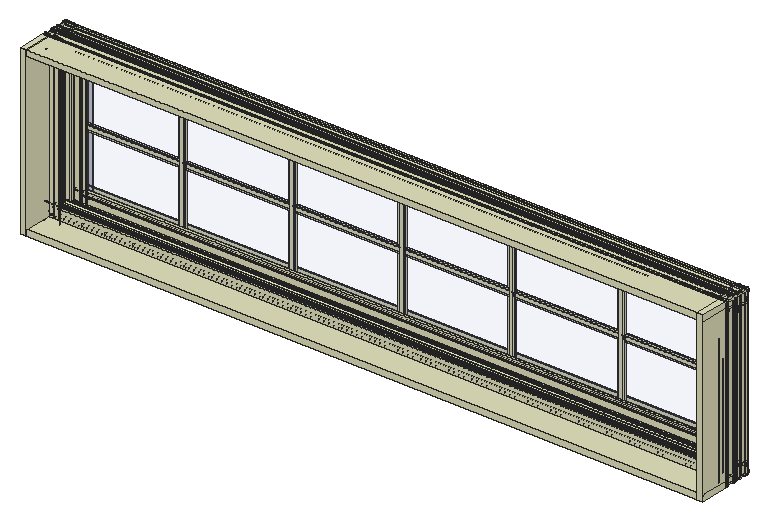
Revit family (continued)
Automatic sketch dimensions
  Sweep 8 sketch curve to Sweep 8 sketch curve = 0' - 0.04533"
  plane 32 to Sweep 8 sketch curve = 0' - 0.0158"
  Sweep 8 sketch curve to Sweep 8 sketch curve = 0' - 0.00006"
  Sweep 8 sketch curve to Sweep 8 sketch curve = 0' - 0.0449"
  Sweep 8 sketch curve to plane 32 = 0' - 0.03797"
  plane 31 to Sweep 8 sketch curve = 0' - 0.08909"
  Sweep 8 sketch curve to Sweep 8 sketch curve = 0' - 0.04001"
  Sweep 8 sketch curve to Sweep 8 sketch curve = 0' - 0.045"
  Sweep 8 sketch curve to Sweep 8 sketch curve = 0' - 0.0001"
  Sweep 8 sketch curve to Sweep 8 sketch curve = 0' - 0.03736"
  Sweep 8 sketch curve to Sweep 8 sketch curve = 0' - 0.00572"
  Sweep 8 sketch curve to Sweep 8 sketch curve = 0' - 0.04308"
  plane 32 to Sweep 8 sketch curve = 0' - 0.0061"
  Sweep 8 sketch curve to Sweep 8 sketch curve = 0' - 0.1262"
  plane 31 to Sweep 8 sketch curve = 0' - 0.02759"
  Sweep 8 sketch curve to Sweep 8 sketch curve = 0' - 0.02214"
  plane 31 to Sweep 8 sketch curve = 0' - 0.09585"
  Sweep 8 sketch curve to Sweep 8 sketch curve = 0' - 0.01865"
  Sweep 8 sketch curve to Sweep 8 sketch curve = 0' - 0.02618"
  Sweep 8 sketch curve to plane 32 = 0' - 0.00938"
  Sweep 8 sketch curve to Sweep 8 sketch curve = 0' - 0.47868"
  Sweep 8 sketch curve to Sweep 8 sketch curve = 0' - 0.011"
  Sweep 8 sketch curve to Sweep 8 sketch curve = 0' - 0.00311"
  Sweep 8 sketch curve to Sweep 8 sketch curve = 0' - 0.02"  (x2)
  Sweep 8 sketch curve to Sweep 8 sketch curve = 0' - 0.01189"  (x2)
  plane 33 to Sweep 8 sketch curve = 0' - 0.045"
  Sweep 8 sketch curve to Sweep 8 sketch curve = 0' - 0.7351"
  Sweep 8 sketch curve to Sweep 8 sketch curve = 0' - 0.075"
  plane 28 to Sweep 8 sketch curve = 0' - 0.045"
  Sweep 8 sketch curve to Sweep 8 sketch curve = 0' - 0.013"
  Sweep 8 sketch curve to Sweep 8 sketch curve = 0' - 0.03092"
  Sweep 8 sketch curve to Sweep 8 sketch curve = 0' - 0.07"
  plane 33 to Sweep 8 sketch curve = 0' - 0.022"
  Sweep 8 sketch curve to Sweep 8 sketch curve = 0' - 0.01664"
  Sweep 8 sketch curve to Sweep 8 sketch curve = 0' - 0.39697"
  Sweep 8 sketch curve to Sweep 8 sketch curve = 0' - 0.01099"
  Sweep 8 sketch curve to Sweep 8 sketch curve = 0' - 0.03346"
  Sweep 8 sketch curve to plane 32 = 0' - 0.04108"
  Sweep 8 sketch curve to Sweep 8 sketch curve = 0' - 0.00592"
  Sweep 9 sketch curve to plane 16 "Sill (Interior)" = 0' - 0.18988"
  Sweep 9 sketch curve to plane 15 "Head (Interior)" = 0' - 0.22798"
  Sweep 9 sketch curve to Sweep 9 sketch curve = 0' - 0"  (x4)
  Sweep 9 sketch curve to plane 38 = 0' - 0"
  plane 34 to Sweep 9 sketch curve = 0' - 0.04504"
  plane 10 "Set Back" to Sweep 9 sketch curve = 0' - 0 41/256"
  Sweep 9 sketch curve to plane 38 = 0' - 0.01792"
  Sweep 9 sketch curve to Sweep 9 sketch curve = 0' - 0.04533"
  plane 38 to Sweep 9 sketch curve = 0' - 0.0158"
  Sweep 9 sketch curve to Sweep 9 sketch curve = 0' - 0.00006"
  Sweep 9 sketch curve to Sweep 9 sketch curve = 0' - 0.0449"
  Sweep 9 sketch curve to plane 38 = 0' - 0.03797"
  plane 37 to Sweep 9 sketch curve = 0' - 0.08909"
  Sweep 9 sketch curve to Sweep 9 sketch curve = 0' - 0.04001"
  Sweep 9 sketch curve to Sweep 9 sketch curve = 0' - 0.045"  (x2)
  Sweep 9 sketch curve to Sweep 9 sketch curve = 0' - 0.0001"
  Sweep 9 sketch curve to Sweep 9 sketch curve = 0' - 0.03736"
  Sweep 9 sketch curve to Sweep 9 sketch curve = 0' - 0.00572"
  Sweep 9 sketch curve to Sweep 9 sketch curve = 0' - 0.04308"
  plane 38 to Sweep 9 sketch curve = 0' - 0.0061"
  Sweep 9 sketch curve to Sweep 9 sketch curve = 0' - 0.1262"
  plane 37 to Sweep 9 sketch curve = 0' - 0.02759"
  Sweep 9 sketch curve to Sweep 9 sketch curve = 0' - 0.02214"
  plane 37 to Sweep 9 sketch curve = 0' - 0.09585"
  Sweep 9 sketch curve to Sweep 9 sketch curve = 0' - 0.01865"
  Sweep 9 sketch curve to Sweep 9 sketch curve = 0' - 0.02618"
  Sweep 9 sketch curve to plane 38 = 0' - 0.00938"
  Sweep 9 sketch curve to Sweep 9 sketch curve = 0' - 0.47868"
  Sweep 9 sketch curve to Sweep 9 sketch curve = 0' - 0.011"
  Sweep 9 sketch curve to Sweep 9 sketch curve = 0' - 0.00311"
  Sweep 9 sketch curve to Sweep 9 sketch curve = 0' - 0.02"  (x2)
  Sweep 9 sketch curve to Sweep 9 sketch curve = 0' - 0.01189"
  plane 39 to Sweep 9 sketch curve = 0' - 0.045"
  Sweep 9 sketch curve to Sweep 9 sketch curve = 0' - 0.7351"
  Sweep 9 sketch curve to Sweep 9 sketch curve = 0' - 0.075"
  plane 34 to Sweep 9 sketch curve = 0' - 0.045"
  Sweep 9 sketch curve to Sweep 9 sketch curve = 0' - 0.013"
  Sweep 9 sketch curve to Sweep 9 sketch curve = 0' - 0.03092"
  Sweep 9 sketch curve to Sweep 9 sketch curve = 0' - 0.07"
  plane 39 to Sweep 9 sketch curve = 0' - 0.022"
  Sweep 9 sketch curve to Sweep 9 sketch curve = 0' - 0.01664"
  Sweep 9 sketch curve to Sweep 9 sketch curve = 0' - 0.00592"
  Sweep 9 sketch curve to Sweep 9 sketch curve = 0' - 0.39697"
  Sweep 9 sketch curve to Sweep 9 sketch curve = 0' - 0.01"
  Sweep 9 sketch curve to Sweep 9 sketch curve = 0' - 0.01099"
  Sweep 9 sketch curve to Sweep 9 sketch curve = 0' - 0.03346"
  Sweep 10 sketch curve to plane 11 "Left Sash" = 0' - 0"
  Sweep 10 sketch curve to plane 12 "Right Sash" = 0' - 0"
  plane 10 "Set Back" to Sweep 10 sketch curve = 0' - 0.21384"
  profile plane to Sweep 10 sketch curve = 0' - 1.78234"
  Sweep 10 sketch curve to Sweep 10 sketch curve = 0' - 0.01989"
  Sweep 10 sketch curve to Sweep 10 sketch curve = 0' - 0.00455"
  Sweep 10 sketch curve to Sweep 10 sketch curve = 0' - 0.00601"
  Sweep 10 sketch curve to Sweep 10 sketch curve = 0' - 0.01672"
  Sweep 10 sketch curve to Sweep 10 sketch curve = 0' - 0.02808"
  plane 10 "Set Back" to Sweep 10 sketch curve = 0' - 0.16586"
  Sweep 10 sketch curve to Sweep 10 sketch curve = 0' - 0.48261"
  Sweep 10 sketch curve to Sweep 10 sketch curve = 0' - 0.0188"
  Sweep 10 sketch curve to Sweep 10 sketch curve = 0' - 0.0504"
  Sweep 10 sketch curve to Sweep 10 sketch curve = 0' - 0.0291"
  Sweep 10 sketch curve to Sweep 10 sketch curve = 0' - 0"
  Sweep 10 sketch curve to Sweep 10 sketch curve = 0' - 0.02838"
  plane 10 "Set Back" to Sweep 10 sketch curve = 0' - 0.28886"
  Sweep 10 sketch curve to Sweep 10 sketch curve = 0' - 0.01156"
  Sweep 10 sketch curve to Sweep 10 sketch curve = 0' - 0.11194"
  Sweep 10 sketch curve to Sweep 10 sketch curve = 0' - 0.00625"
  plane 10 "Set Back" to Sweep 10 sketch curve = 0' - 0.29378"
  Sweep 10 sketch curve to Sweep 10 sketch curve = 0' - 0.01066"
  Sweep 10 sketch curve to Sweep 10 sketch curve = 0' - 0.01431"
  Sweep 10 sketch curve to Sweep 10 sketch curve = 0' - 0.00002"
  Sweep 10 sketch curve to Sweep 10 sketch curve = 0' - 0.00527"
  Sweep 10 sketch curve to Sweep 10 sketch curve = 0' - 0.02286"
  Sweep 11 sketch curve to plane 11 "Left Sash" = 0' - 0"
  Sweep 11 sketch curve to plane 12 "Right Sash" = 0' - 0"
  plane 10 "Set Back" to Sweep 11 sketch curve = 0' - 0.29378"
  Sweep 11 sketch curve to profile plane = 0' - 0.96796"
  Sweep 11 sketch curve to Sweep 11 sketch curve = 0' - 0.01066"
  Sweep 11 sketch curve to Sweep 11 sketch curve = 0' - 0.00625"
  plane 10 "Set Back" to Sweep 11 sketch curve = 0' - 0.28886"
  Sweep 11 sketch curve to Sweep 11 sketch curve = 0' - 0.11819"
  Sweep 11 sketch curve to Sweep 11 sketch curve = 0' - 0.01156"
  Sweep 11 sketch curve to Sweep 11 sketch curve = 0' - 0.02838"
  Sweep 11 sketch curve to Sweep 11 sketch curve = 0' - 0"
  Sweep 11 sketch curve to Sweep 11 sketch curve = 0' - 0.0291"
  Sweep 11 sketch curve to Sweep 11 sketch curve = 0' - 0.0504"
  Sweep 11 sketch curve to Sweep 11 sketch curve = 0' - 0.0188"
  Sweep 11 sketch curve to Sweep 11 sketch curve = 0' - 0.48261"
  Sweep 11 sketch curve to Sweep 11 sketch curve = 0' - 0.02808"
  Sweep 11 sketch curve to Sweep 11 sketch curve = 0' - 0.00616"
  Sweep 11 sketch curve to Sweep 11 sketch curve = 0' - 0.00601"
  Sweep 11 sketch curve to Sweep 11 sketch curve = 0' - 0.01672"
  Sweep 11 sketch curve to Sweep 11 sketch curve = 0' - 0.01989"
  Sweep 11 sketch curve to Sweep 11 sketch curve = 0' - 0.05299"
  plane 10 "Set Back" to Sweep 11 sketch curve = 0' - 0.23373"
  Sweep 11 sketch curve to Sweep 11 sketch curve = 0' - 0.06055"
  Sweep 11 sketch curve to Sweep 11 sketch curve = 0' - 0.00302"
  Sweep 11 sketch curve to Sweep 11 sketch curve = 0' - 0.00002"
  Sweep 11 sketch curve to Sweep 11 sketch curve = 0' - 0.02285"
  Sweep 12 sketch curve to plane 16 "Sill (Interior)" = 0' - 0"
  Sweep 12 sketch curve to plane 15 "Head (Interior)" = 0' - 0"
  Sweep 12 sketch curve to plane 41 = 0' - 0.03045"
  plane 10 "Set Back" to Sweep 12 sketch curve = 0' - 0.16586"
  Sweep 12 sketch curve to Sweep 12 sketch curve = 0' - 0.01431"
  Sweep 12 sketch curve to Sweep 12 sketch curve = 0' - 0.02326"
  Sweep 12 sketch curve to Sweep 12 sketch curve = 0' - 0.01042"
  Sweep 12 sketch curve to Sweep 12 sketch curve = 0' - 0.04995"
  Sweep 12 sketch curve to Sweep 12 sketch curve = 0' - 0.00418"
  Sweep 12 sketch curve to Sweep 12 sketch curve = 0' - 0.00002"
  Sweep 12 sketch curve to Sweep 12 sketch curve = 0' - 0.00527"
  Sweep 12 sketch curve to Sweep 12 sketch curve = 0' - 0.00829"
  Sweep 12 sketch curve to plane 41 = 0' - 0.01989"
  Sweep 12 sketch curve to Sweep 12 sketch curve = 0' - 0.02006"
  Sweep 12 sketch curve to Sweep 12 sketch curve = 0' - 0.06055"
  Sweep 12 sketch curve to Sweep 12 sketch curve = 0' - 0.00492"
  Sweep 12 sketch curve to Sweep 12 sketch curve = 0' - 0.02285"
  Sweep 12 sketch curve to Sweep 12 sketch curve = 0' - 0.02443"
  Sweep 12 sketch curve to Sweep 12 sketch curve = 0' - 0.00601"
  Sweep 12 sketch curve to Sweep 12 sketch curve = 0' - 0.48261"
  Sweep 12 sketch curve to Sweep 12 sketch curve = 0' - 0.0188"
  Sweep 12 sketch curve to Sweep 12 sketch curve = 0' - 0.0291"
  Sweep 12 sketch curve to Sweep 12 sketch curve = 0' - 0"
  Sweep 12 sketch curve to Sweep 12 sketch curve = 0' - 0.11194"
  Sweep 12 sketch curve to Sweep 12 sketch curve = 0' - 0.00625"
  Sweep 13 sketch curve to plane 16 "Sill (Interior)" = 0' - 0"
  Sweep 13 sketch curve to plane 15 "Head (Interior)" = 0' - 0"
  plane 40 to Sweep 13 sketch curve = 0' - 0.01989"
  plane 40 to Sweep 13 sketch curve = 0' - 0.02444"
  Sweep 13 sketch curve to Sweep 13 sketch curve = 0' - 0.00601"
  Sweep 13 sketch curve to Sweep 13 sketch curve = 0' - 0.01672"
  Sweep 13 sketch curve to Sweep 13 sketch curve = 0' - 0.02808"
  plane 10 "Set Back" to Sweep 13 sketch curve = 0' - 0.16586"
  Sweep 13 sketch curve to Sweep 13 sketch curve = 0' - 0.48261"
  Sweep 13 sketch curve to Sweep 13 sketch curve = 0' - 0.0188"
  Sweep 13 sketch curve to Sweep 13 sketch curve = 0' - 0.0504"
  Sweep 13 sketch curve to Sweep 13 sketch curve = 0' - 0.0291"
  Sweep 13 sketch curve to Sweep 13 sketch curve = 0' - 0"
  Sweep 13 sketch curve to Sweep 13 sketch curve = 0' - 0.02838"
  plane 10 "Set Back" to Sweep 13 sketch curve = 0' - 0.28886"
  Sweep 13 sketch curve to Sweep 13 sketch curve = 0' - 0.01156"
  Sweep 13 sketch curve to Sweep 13 sketch curve = 0' - 0.11194"
  Sweep 13 sketch curve to Sweep 13 sketch curve = 0' - 0.00625"
  plane 10 "Set Back" to Sweep 13 sketch curve = 0' - 0.29378"
  Sweep 13 sketch curve to Sweep 13 sketch curve = 0' - 0.01066"
  Sweep 13 sketch curve to Sweep 13 sketch curve = 0' - 0.01431"
  Sweep 13 sketch curve to Sweep 13 sketch curve = 0' - 0.02326"
  Sweep 13 sketch curve to Sweep 13 sketch curve = 0' - 0.00002"
  Sweep 13 sketch curve to Sweep 13 sketch curve = 0' - 0.00527"
  Sweep 13 sketch curve to Sweep 13 sketch curve = 0' - 0.02285"
  Sweep 14 sketch curve to plane 5 "Sill" = 0' - 0"
  Sweep 14 sketch curve to plane 6 "Head" = 0' - 0"
  Sweep 14 sketch curve to profile plane = 0' - 0"
  Sweep 15 sketch curve to plane 5 "Sill" = 0' - 0"
  Sweep 15 sketch curve to plane 6 "Head" = 0' - 0"
  Sweep 15 sketch curve to profile plane = 0' - 0"
  Sweep 16 sketch curve to plane 3 "Left" = 0' - 0"
  Sweep 16 sketch curve to plane 4 "Right" = 0' - 0"
  Sweep 16 sketch curve to profile plane = 0' - 0"
  Sweep 17 sketch curve to plane 3 "Left" = 0' - 0"
  Sweep 17 sketch curve to plane 4 "Right" = 0' - 0"
  Sweep 17 sketch curve to profile plane = 0' - 0"
  Sweep 20 sketch curve to plane 59 = 0' - 0"
  Sweep 20 sketch curve to plane 58 = 0' - 0"
  plane 10 "Set Back" to Sweep 20 sketch curve = 0' - 0.47242"  (x5)
  plane 10 "Set Back" to Sweep 20 sketch curve = 0' - 0.50481"  (x10)
  plane 10 "Set Back" to Sweep 20 sketch curve = 0' - 0.52163"  (x10)
  Sweep 20 sketch curve to Sweep 20 sketch curve = 0' - 0.1378"  (x10)
  Sweep 20 sketch curve to Sweep 20 sketch curve = 0' - 0.01682"  (x10)
  Sweep 20 sketch curve to Sweep 20 sketch curve = 0' - 0.03239"  (x5)
  plane 77 to Sweep 20 sketch curve = 0' - 0.15945"  (x2)
  Sweep 20 sketch curve to Sweep 20 sketch curve = 0' - 0.0187"  (x20)
  Sweep 20 sketch curve to plane 76 = 0' - 0.17815"  (x2)
  plane 79 to Sweep 20 sketch curve = 0' - 0.15945"  (x2)
  Sweep 20 sketch curve to plane 78 = 0' - 0.17815"  (x2)
  plane 81 to Sweep 20 sketch curve = 0' - 0.15945"  (x2)
  Sweep 20 sketch curve to plane 80 = 0' - 0.17815"  (x2)
  plane 83 to Sweep 20 sketch curve = 0' - 0.15945"  (x2)
  Sweep 20 sketch curve to plane 82 = 0' - 0.17815"  (x2)
  plane 85 to Sweep 20 sketch curve = 0' - 0.15945"  (x2)
  Sweep 20 sketch curve to plane 84 = 0' - 0.17815"  (x2)
  Sweep 21 sketch curve to plane 60 = 0' - 0"
  Sweep 21 sketch curve to plane 61 = 0' - 0"
  Sweep 21 sketch curve to plane 87 = 0' - 0.15945"  (x2)
  plane 10 "Set Back" to Sweep 21 sketch curve = 0' - 0.50481"  (x2)
  Sweep 21 sketch curve to Sweep 21 sketch curve = 0' - 0.0187"  (x4)
  plane 10 "Set Back" to Sweep 21 sketch curve = 0' - 0.47242"
  plane 86 to Sweep 21 sketch curve = 0' - 0.17815"  (x2)
  plane 10 "Set Back" to Sweep 21 sketch curve = 0' - 0.52163"  (x2)
  Sweep 21 sketch curve to Sweep 21 sketch curve = 0' - 0.1378"  (x2)
  Sweep 21 sketch curve to Sweep 21 sketch curve = 0' - 0.01682"  (x2)
  Sweep 21 sketch curve to Sweep 21 sketch curve = 0' - 0.03239"
  Sweep 22 sketch curve to plane 59 = 0' - 0"
  Sweep 22 sketch curve to plane 58 = 0' - 0"
  Sweep 22 sketch curve to plane 99 = 0' - 0.15945"  (x2)
  plane 10 "Set Back" to Sweep 22 sketch curve = 0' - 0.50481"  (x4)
  Sweep 22 sketch curve to Sweep 22 sketch curve = 0' - 0.0187"  (x8)
  plane 10 "Set Back" to Sweep 22 sketch curve = 0' - 0.47242"  (x2)
  plane 100 to Sweep 22 sketch curve = 0' - 0.17815"  (x2)
  Sweep 22 sketch curve to plane 97 = 0' - 0.15945"  (x2)
  plane 98 to Sweep 22 sketch curve = 0' - 0.17815"  (x2)
  plane 10 "Set Back" to Sweep 22 sketch curve = 0' - 0.52163"  (x4)
  Sweep 22 sketch curve to Sweep 22 sketch curve = 0' - 0.1378"  (x4)
  Sweep 22 sketch curve to Sweep 22 sketch curve = 0' - 0.01682"  (x4)
  Sweep 22 sketch curve to Sweep 22 sketch curve = 0' - 0.03239"  (x2)
  Sweep 23 sketch curve to plane 60 = 0' - 0"
  Sweep 23 sketch curve to plane 61 = 0' - 0"
  Sweep 23 sketch curve to plane 102 = 0' - 0.15945"  (x2)
  plane 10 "Set Back" to Sweep 23 sketch curve = 0' - 0.50481"  (x2)
  plane 10 "Set Back" to Sweep 23 sketch curve = 0' - 0.47242"
  Sweep 23 sketch curve to Sweep 23 sketch curve = 0' - 0.0187"  (x4)
  plane 101 to Sweep 23 sketch curve = 0' - 0.17815"  (x2)
  plane 10 "Set Back" to Sweep 23 sketch curve = 0' - 0.52163"  (x2)
  Sweep 23 sketch curve to Sweep 23 sketch curve = 0' - 0.1378"  (x2)
  Sweep 23 sketch curve to Sweep 23 sketch curve = 0' - 0.01682"  (x2)
  Sweep 23 sketch curve to Sweep 23 sketch curve = 0' - 0.03239"
  Sweep 24 sketch curve to plane 19 = 0' - 0"
  Sweep 24 sketch curve to plane 60 = 0' - 0"
  Sweep 24 sketch curve to plane 61 = 0' - 0"
  plane 103 to Sweep 24 sketch curve = 0' - 0.15945"  (x2)
  plane 10 "Set Back" to Sweep 24 sketch curve = 0' - 0.50481"  (x2)
  Sweep 24 sketch curve to Sweep 24 sketch curve = 0' - 0.0187"  (x4)
  plane 10 "Set Back" to Sweep 24 sketch curve = 0' - 0.47242"
  Sweep 24 sketch curve to plane 104 = 0' - 0.17815"  (x2)
  plane 10 "Set Back" to Sweep 24 sketch curve = 0' - 0.52163"  (x2)
  Sweep 24 sketch curve to Sweep 24 sketch curve = 0' - 0.1378"  (x2)
  Sweep 24 sketch curve to Sweep 24 sketch curve = 0' - 0.01682"  (x2)
  Sweep 24 sketch curve to Sweep 24 sketch curve = 0' - 0.03239"
